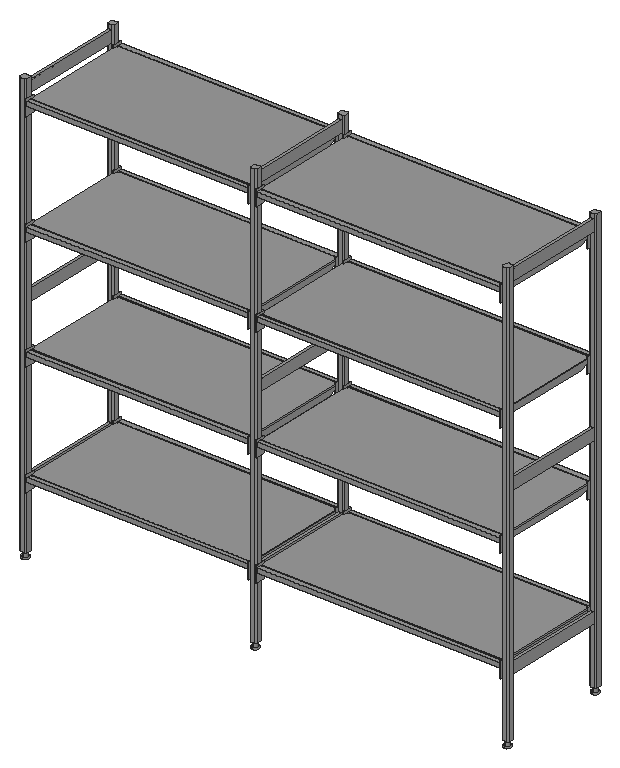
Revit family "QF_ELECTROLUXPROFESSIONAL_137043_BLS1960", category Attrezzature speciali, Revit 2020
Family settings
  Quota connettore circolare = Usa diametro
  Tipo di parte = Normale
  Basato su piano di lavoro = No
  Sempre verticale = Sì
  Taglio con vuoti quando caricato = No
  Condiviso = No
  Punto di calcolo locali = No
Parameters (values of type "Standard")
  Weight = 38.00 kg
  Watts = 0 W
  Volts = 0 V
  URL Manufacturer = "https://www.electroluxprofessional.com/"
  URL = "https://www.electroluxprofessional.com/"
  Steam Supply Size = 0 mm
  Steam Supply Minimum Pressure = 0.0 Pa
  Steam Supply Maximum Pressure = 0.0 Pa
  Steam Consumption per Hour = 0
  Refrigeration Suction Line Size = 0.0 mm
  Refrigeration Liquid Line Size = 0.0 mm
  Refrigerant Compressor Remote = yes
  Prospetto di default = 0.0 mm
  Phase = 0
  Modello = "BLS1960"
  Produttore = "Electrolux Professional"
  Length Actual = 1960.0 mm  # constant formula
  Item Number = "137043"
  Hot Water Size = 0 mm
  Height Actual = 1700.0 mm  # constant formula
  HP = "0 HP"
  Gas Size = 0 mm
  Gas KW = 0
  Gas Input Pressure = 0 W
  Direct Waste Size = 0 mm
  Descrizione = "ALUM.LINEAR SHELV.-POLY.TIERS-475X1960MM"
  Depth Actual = 475.0 mm  # constant formula
  Cycle = 0 Hz
  Condensate Return Size = 0 mm
  Compressed Air Volume = 0.0 L/s
  Compressed Air Size = 0 mm
  Compressed Air Pressure = 0.0 Pa
  Cold Water Size = 0 mm
  Accessory = yes
Reference planes
  plane 1: z = 0
  plane 2 "CenterLeft": x = -31
  plane 3 "LEFT": x = -417
  plane 4 "BACK": y = 23
  plane 5 "FRONT": y = -452
  plane 6 "TOP": z = 1700
  plane 7: x = -385
  plane 8: x = 501
  plane 9 "Center (Front/Back)": y = -214.5
  plane 10: y = -8.5
  plane 11: y = -420.5
  plane 12 "FEET": z = 25
  plane 13: z = 275
  plane 14: z = 725
  plane 15: z = 1175
  plane 16: z = 1625
  plane 17 "CXLeft": x = -403
  plane 18 "Center (Left/Right)": x = 519
  plane 19: y = 5.5
  plane 20 "CYBack": y = 5.5
  plane 21 "CYFront": y = -434.5
  plane 22 "RIGHT": x = 1543
  plane 23: x = 1511
  plane 24 "CXRight": x = 1529
  plane 25: x = 537
Forms (mm)
  Extrusion 1, solid, material "QF_Aluminum"
    sketch origin (-417, 0, -4.006) x (0, 1, 0) y (0, 0, 1)
      loop
        line (-12, 1637.003) -> (4, 1637.003) -> (4, 1655) -> (2.007, 1655) -> (2.007, 1648.501) -> (-431, 1648.501) -> (-431, 1655) -> (-433, 1655) -> (-433, 1637.003) -> (-417, 1637.003) -> (-383, 1625) -> (-46, 1625) -> (-12, 1637.003)
      loop
        line (-12, 1187.003) -> (4, 1187.003) -> (4, 1205) -> (2.007, 1205) -> (2.007, 1198.501) -> (-431, 1198.501) -> (-431, 1205) -> (-433, 1205) -> (-433, 1187.003) -> (-417, 1187.003) -> (-383, 1175) -> (-46, 1175) -> (-12, 1187.003)
      loop
        line (-12, 737.003) -> (4, 737.003) -> (4, 755) -> (2.007, 755) -> (2.007, 748.501) -> (-431, 748.501) -> (-431, 755) -> (-433, 755) -> (-433, 737.003) -> (-417, 737.003) -> (-383, 725) -> (-46, 725) -> (-12, 737.003)
      loop
        line (-12, 287.003) -> (4, 287.003) -> (4, 305) -> (2.007, 305) -> (2.007, 298.501) -> (-431, 298.501) -> (-431, 305) -> (-433, 305) -> (-433, 287.003) -> (-417, 287.003) -> (-383, 275) -> (-46, 275) -> (-12, 287.003)
    from 37 to 32
  Extrusion 2, solid, material "QF_Aluminum"
    sketch origin (-417, 0, 0) x (0, 1, 0) y (0, 0, 1)
      loop
        line (23, 246.005) -> (23, 307.993) -> (-12.993, 307.993) -> (-12.993, 246.005) -> (23, 246.005)
      loop
        line (-452, 246.005) -> (-416.007, 246.005) -> (-416.007, 307.993) -> (-452, 307.993) -> (-452, 246.005)
      loop
        line (23, 696.005) -> (23, 757.993) -> (-12.993, 757.993) -> (-12.993, 696.005) -> (23, 696.005)
      loop
        line (-452, 696.005) -> (-416.007, 696.005) -> (-416.007, 757.993) -> (-452, 757.993) -> (-452, 696.005)
      loop
        line (23, 1146.005) -> (23, 1207.993) -> (-12.993, 1207.993) -> (-12.993, 1146.005) -> (23, 1146.005)
      loop
        line (-452, 1146.005) -> (-416.007, 1146.005) -> (-416.007, 1207.993) -> (-452, 1207.993) -> (-452, 1146.005)
      loop
        line (23, 1596.005) -> (23, 1657.993) -> (-12.993, 1657.993) -> (-12.993, 1596.005) -> (23, 1596.005)
      loop
        line (-452, 1596.005) -> (-416.007, 1596.005) -> (-416.007, 1657.993) -> (-452, 1657.993) -> (-452, 1596.005)
    from 28 to 32
  Extrusion 3, solid, material "QF_Aluminum"
    sketch origin (-417, 0, 0) x (0, 1, 0) y (0, 0, 1)
      loop
        line (4, 1650.994) -> (4, 1632.998) -> (23, 1632.998) -> (23, 1650.994) -> (4, 1650.994)
      loop
        line (-433, 1650.994) -> (-452, 1650.994) -> (-452, 1632.998) -> (-433, 1632.998) -> (-433, 1650.994)
      loop
        line (4, 1200.994) -> (4, 1182.998) -> (23, 1182.998) -> (23, 1200.994) -> (4, 1200.994)
      loop
        line (-433, 1200.994) -> (-452, 1200.994) -> (-452, 1182.998) -> (-433, 1182.998) -> (-433, 1200.994)
      loop
        line (4, 750.994) -> (4, 732.998) -> (23, 732.998) -> (23, 750.994) -> (4, 750.994)
      loop
        line (-433, 750.994) -> (-452, 750.994) -> (-452, 732.998) -> (-433, 732.998) -> (-433, 750.994)
      loop
        line (4, 300.994) -> (4, 282.998) -> (23, 282.998) -> (23, 300.994) -> (4, 300.994)
      loop
        line (-433, 300.994) -> (-452, 300.994) -> (-452, 282.998) -> (-433, 282.998) -> (-433, 300.994)
    from 32 to 918
  Extrusion 4, solid, material "QF_Polyethylene"
    sketch origin (-417, 0, 0) x (0, 1, 0) y (0, 0, 1)
      loop
        line (2.007, 1650.994) -> (-431, 1650.994) -> (-431, 1644.496) -> (2.007, 1644.496) -> (2.007, 1650.994)
      loop
        line (2.007, 1200.994) -> (-431, 1200.994) -> (-431, 1194.496) -> (2.007, 1194.496) -> (2.007, 1200.994)
      loop
        line (2.007, 750.994) -> (-431, 750.994) -> (-431, 744.496) -> (2.007, 744.496) -> (2.007, 750.994)
      loop
        line (2.007, 300.994) -> (-431, 300.994) -> (-431, 294.496) -> (2.007, 294.496) -> (2.007, 300.994)
    from 32 to 918
  Extrusion 5, solid, material "QF_Aluminum"
    sketch origin (1543, 0, 0) x (0, 1, 0) y (0, 0, 1)
      loop
        line (4, 1650.994) -> (4, 1632.998) -> (23, 1632.998) -> (23, 1650.994) -> (4, 1650.994)
      loop
        line (-433, 1650.994) -> (-452, 1650.994) -> (-452, 1632.998) -> (-433, 1632.998) -> (-433, 1650.994)
      loop
        line (4, 1200.994) -> (4, 1182.998) -> (23, 1182.998) -> (23, 1200.994) -> (4, 1200.994)
      loop
        line (-433, 1200.994) -> (-452, 1200.994) -> (-452, 1182.998) -> (-433, 1182.998) -> (-433, 1200.994)
      loop
        line (4, 750.994) -> (4, 732.998) -> (23, 732.998) -> (23, 750.994) -> (4, 750.994)
      loop
        line (-433, 750.994) -> (-452, 750.994) -> (-452, 732.998) -> (-433, 732.998) -> (-433, 750.994)
      loop
        line (4, 300.994) -> (4, 282.998) -> (23, 282.998) -> (23, 300.994) -> (4, 300.994)
      loop
        line (-433, 300.994) -> (-452, 300.994) -> (-452, 282.998) -> (-433, 282.998) -> (-433, 300.994)
    from -32 to -1006
  Extrusion 6, solid, material "QF_Polyethylene"
    sketch origin (1543, 0, 0) x (0, 1, 0) y (0, 0, 1)
      loop
        line (2.007, 1650.994) -> (-431, 1650.994) -> (-431, 1644.496) -> (2.007, 1644.496) -> (2.007, 1650.994)
      loop
        line (2.007, 1200.994) -> (-431, 1200.994) -> (-431, 1194.496) -> (2.007, 1194.496) -> (2.007, 1200.994)
      loop
        line (2.007, 750.994) -> (-431, 750.994) -> (-431, 744.496) -> (2.007, 744.496) -> (2.007, 750.994)
      loop
        line (2.007, 300.994) -> (-431, 300.994) -> (-431, 294.496) -> (2.007, 294.496) -> (2.007, 300.994)
    from -32 to -1006
Lines and regions (mm)
  symbolic lines
    curve 1: line (501, 4, 1700) -> (-385, 4, 1700)
    curve 2: line (-408, -8.5, 1700) -> (-408, -420.5, 1700)
    curve 3: line (-398, -420.5, 1700) -> (-398, -8.5, 1700)
    curve 4: line (-389, 23, 1700) -> (505, 23, 1700)
    curve 5: line (-385, -452, 1700) -> (501, -452, 1700)
    curve 6: line (533, 23, 1700) -> (1515, 23, 1700)
    curve 7: line (533, -452, 1700) -> (1515, -452, 1700)
    curve 8: line (-385, -433, 1700) -> (501, -433, 1700)
    curve 9: line (537, -433, 1700) -> (1511, -433, 1700)
    curve 10: line (537, 4, 1700) -> (1511, 4, 1700)
    curve 11: line (1511, -12.993, 1700) -> (1511, -416.007, 1700)
    curve 12: line (501, -12.993, 1700) -> (501, -416.007, 1700)
    curve 13: line (537, -416.007, 1700) -> (537, -12.993, 1700)
    curve 14: line (-385, -12.993, 1700) -> (-385, -416.007, 1700)
Dimensions and locks
  plane 3 "LEFT" to plane 2 "CenterLeft" = 386.0 mm
  locked: plane 6 "TOP" to level at 1700
  locked: plane 4 "BACK" to plane 5 "FRONT" at 475
  locked: plane 7 to plane 8 at 886
  locked: plane 10 to plane 11 at 412
  equal spacing: plane 10, plane 9 "Center (Front/Back)", plane 11
  equal spacing: plane 4 "BACK", plane 9 "Center (Front/Back)", plane 5 "FRONT"
  plane 12 "FEET" to level = 25.0 mm
  plane 6 "TOP" to plane 12 "FEET" = 1675.0 mm
  plane 13 to plane 12 "FEET" = 250.0 mm
  plane 14 to plane 13 = 450.0 mm
  plane 15 to plane 14 = 450.0 mm
  plane 16 to plane 15 = 450.0 mm
  locked: plane 4 "BACK" to plane 20 "CYBack" at 17.5
  locked: plane 21 "CYFront" to plane 5 "FRONT" at 17.5
  locked: plane 4 "BACK" to Extrusion 1 at 19
  locked: Extrusion 1 to plane 5 "FRONT" at 19
  Extrusion 1 sketch curve to plane 21 "CYFront" = 3.5 mm
  plane 3 "LEFT" to plane 22 "RIGHT" = 1960.0 mm
  locked: plane 25 to plane 23 at 974
  locked: plane 8 to plane 18 "Center (Left/Right)" at 18
  locked: plane 18 "Center (Left/Right)" to plane 25 at 18
  locked: plane 3 "LEFT" to plane 7 at 32
  locked: plane 24 "CXRight" to plane 22 "RIGHT" at 14
  aligned and locked: level to plane 1
  aligned and locked: plane 7 to Extrusion 1
  aligned and locked: Extrusion 2 to plane 7
  aligned and locked: plane 7 to Extrusion 4
  aligned and locked: Extrusion 4 to plane 8
  aligned and locked: plane 7 to Extrusion 3
  aligned and locked: Extrusion 3 to plane 8
  aligned and locked: Extrusion 3 sketch curve to Extrusion 1
  aligned and locked: Extrusion 1 to Extrusion 3 sketch curve
  aligned and locked: Extrusion 3 sketch curve to Extrusion 3 sketch curve  (x2)
  aligned and locked: Extrusion 1 sketch curve to Extrusion 1 sketch curve  (x3)
  aligned and locked: Extrusion 4 sketch curve to Extrusion 1  (x4)
  aligned and locked: Extrusion 5 sketch curve to Extrusion 5 sketch curve  (x2)
  aligned and locked: Extrusion 5 to plane 25
  aligned and locked: Extrusion 6 to plane 25
  aligned and locked: nested 3 to plane 18 "Center (Left/Right)"
  aligned and locked: nested 1 to plane 17 "CXLeft"
  aligned and locked: Extrusion 3 to plane 7  (x3)
  aligned and locked: plane 8 to Extrusion 3  (x4)
  aligned and locked: plane 25 to Extrusion 5  (x4)
  aligned and locked: plane 25 to Extrusion 6  (x4)
  aligned and locked: plane 8 to Extrusion 4  (x4)
  aligned and locked: nested 2 to plane 24 "CXRight"
  aligned and locked: Extrusion 5 to plane 23
  aligned and locked: Extrusion 6 to plane 23
  aligned and locked: plane 23 to Extrusion 5  (x3)
  aligned and locked: plane 23 to Extrusion 6  (x3)
Automatic sketch dimensions
  plane 21 "CYFront" to Extrusion 1 sketch curve = 1.5 mm  (x4)
  plane 11 to Extrusion 1 sketch curve = 3.5 mm  (x4)
  Extrusion 1 sketch curve to plane 13 = 4.006 mm
  Extrusion 1 sketch curve to Extrusion 1 sketch curve = 34.0 mm  (x4)
  Extrusion 1 sketch curve to plane 14 = 4.006 mm
  Extrusion 1 sketch curve to plane 15 = 4.006 mm
  Extrusion 1 sketch curve to plane 16 = 4.006 mm
  Extrusion 1 sketch curve to plane 10 = 37.5 mm  (x4)
  Extrusion 1 sketch curve to plane 10 = 3.5 mm  (x4)
  plane 19 to Extrusion 1 sketch curve = 3.493 mm  (x4)
  plane 19 to Extrusion 1 sketch curve = 1.5 mm  (x4)
  plane 13 to Extrusion 1 sketch curve = 7.998 mm  (x2)
  Extrusion 1 sketch curve to Extrusion 1 sketch curve = 11.498 mm  (x4)
  Extrusion 1 sketch curve to Extrusion 1 sketch curve = 6.499 mm  (x8)
  plane 14 to Extrusion 1 sketch curve = 7.998 mm  (x2)
  plane 15 to Extrusion 1 sketch curve = 7.998 mm  (x2)
  plane 16 to Extrusion 1 sketch curve = 7.998 mm  (x2)
  Extrusion 2 sketch curve to plane 5 "FRONT" = 0.0 mm  (x4)
  Extrusion 2 sketch curve to plane 4 "BACK" = 0.0 mm  (x4)
  plane 11 to Extrusion 2 sketch curve = 4.493 mm  (x4)
  Extrusion 2 sketch curve to plane 10 = 4.493 mm  (x4)
  Extrusion 2 sketch curve to plane 13 = 28.995 mm  (x2)
  plane 13 to Extrusion 2 sketch curve = 32.993 mm  (x2)
  Extrusion 2 sketch curve to plane 14 = 28.995 mm  (x2)
  plane 14 to Extrusion 2 sketch curve = 32.993 mm  (x2)
  Extrusion 2 sketch curve to plane 15 = 28.995 mm  (x2)
  plane 15 to Extrusion 2 sketch curve = 32.993 mm  (x2)
  Extrusion 2 sketch curve to plane 16 = 28.995 mm  (x2)
  plane 16 to Extrusion 2 sketch curve = 32.993 mm  (x2)
  Extrusion 3 sketch curve to plane 5 "FRONT" = 0.0 mm  (x4)
  Extrusion 3 sketch curve to plane 4 "BACK" = 0.0 mm  (x4)
  plane 19 to Extrusion 3 sketch curve = 1.5 mm  (x4)
  plane 13 to Extrusion 3 sketch curve = 7.998 mm  (x2)
  Extrusion 3 sketch curve to Extrusion 3 sketch curve = 17.997 mm  (x8)
  plane 14 to Extrusion 3 sketch curve = 7.998 mm  (x2)
  plane 15 to Extrusion 3 sketch curve = 7.998 mm  (x2)
  plane 16 to Extrusion 3 sketch curve = 7.998 mm  (x2)
  plane 19 to Extrusion 4 sketch curve = 3.493 mm  (x4)
  plane 13 to Extrusion 4 sketch curve = 19.496 mm
  Extrusion 4 sketch curve to Extrusion 4 sketch curve = 6.499 mm  (x4)
  plane 14 to Extrusion 4 sketch curve = 19.496 mm
  plane 15 to Extrusion 4 sketch curve = 19.496 mm
  plane 16 to Extrusion 4 sketch curve = 19.496 mm
  Extrusion 5 sketch curve to plane 5 "FRONT" = 0.0 mm  (x4)
  Extrusion 5 sketch curve to plane 4 "BACK" = 0.0 mm  (x4)
  plane 21 "CYFront" to Extrusion 5 sketch curve = 1.5 mm  (x2)
  plane 19 to Extrusion 5 sketch curve = 1.5 mm  (x4)
  plane 13 to Extrusion 5 sketch curve = 7.998 mm  (x2)
  Extrusion 5 sketch curve to Extrusion 5 sketch curve = 17.997 mm  (x8)
  plane 14 to Extrusion 5 sketch curve = 7.998 mm  (x2)
  plane 15 to Extrusion 5 sketch curve = 7.998 mm  (x2)
  plane 16 to Extrusion 5 sketch curve = 7.998 mm  (x2)
  plane 21 "CYFront" to Extrusion 6 sketch curve = 3.5 mm  (x4)
  plane 19 to Extrusion 6 sketch curve = 3.493 mm  (x4)
  plane 13 to Extrusion 6 sketch curve = 19.496 mm
  Extrusion 6 sketch curve to Extrusion 6 sketch curve = 6.499 mm  (x4)
  plane 14 to Extrusion 6 sketch curve = 19.496 mm
  plane 15 to Extrusion 6 sketch curve = 19.496 mm
  plane 16 to Extrusion 6 sketch curve = 19.496 mm
  curve 7 to plane 5 "FRONT" = 0.0 mm
  curve 5 to plane 5 "FRONT" = 0.0 mm
  curve 8 to plane 8 = 0.0 mm
  curve 9 to plane 25 = 0.0 mm
  curve 9 to plane 23 = 0.0 mm
  curve 8 to plane 7 = 0.0 mm
  curve 2 to plane 11 = 0.0 mm
  curve 3 to plane 11 = 0.0 mm
  curve 14 to plane 7 = 0.0 mm
  curve 13 to plane 25 = 0.0 mm
  curve 12 to plane 8 = 0.0 mm
  curve 11 to plane 23 = 0.0 mm
  curve 3 to plane 10 = 0.0 mm
  curve 2 to plane 10 = 0.0 mm
  curve 1 to plane 8 = 0.0 mm
  curve 1 to plane 7 = 0.0 mm
  curve 10 to plane 23 = 0.0 mm
  curve 10 to plane 25 = 0.0 mm
  curve 4 to plane 4 "BACK" = 0.0 mm
  curve 6 to plane 4 "BACK" = 0.0 mm
  curve 5 to plane 8 = 0.0 mm
  curve 5 to plane 7 = 0.0 mm
  plane 21 "CYFront" to curve 8 = 1.5 mm
  plane 21 "CYFront" to curve 9 = 1.5 mm
  plane 11 to curve 14 = 4.493 mm
  plane 11 to curve 13 = 4.493 mm
  plane 11 to curve 12 = 4.493 mm
  plane 11 to curve 11 = 4.493 mm
  curve 14 to plane 10 = 4.493 mm
  curve 13 to plane 10 = 4.493 mm
  curve 12 to plane 10 = 4.493 mm
  curve 11 to plane 10 = 4.493 mm
  plane 19 to curve 1 = 1.5 mm
  plane 19 to curve 10 = 1.5 mm
  curve 6 to plane 23 = 4.0 mm
  curve 7 to plane 23 = 4.0 mm
  curve 6 to plane 25 = 4.0 mm
  curve 7 to plane 25 = 4.0 mm
  curve 4 to plane 8 = 4.0 mm
  plane 7 to curve 4 = 4.0 mm
  plane 17 "CXLeft" to curve 3 = 5.0 mm
  curve 2 to plane 17 "CXLeft" = 5.0 mm
Nested families
  nested 1: "WT_Anta475" at (0, 0, 0), type "WT_Anta475"
  nested 2: "WT_Anta475" at (1126, 0, 0) x (-1, 0, 0) z (0, 0, 1), type "WT_Anta475"
  nested 3: "WT_Anta475Center" at (922, 0, 0), type "WT_Anta475Center"
Definition of nested family "WT_Anta475"
  Parameters
    WidthLeft = A + 64.0 mm  # 772.0 mm
    Width = 1606.0 mm
    Right = WidthLeft / 2  # 386.0 mm
    Default Elevation = 0.0 mm
    Left = -WidthLeft / 2  # -386.0 mm
    Height = 1725.0 mm
    FEET = 25.0 mm
    E = 0.0 mm
    Dint = Depth - 63.0 mm  # 412.0 mm
    Dext = Depth - 8.0 mm  # 467.0 mm
    Depth = 475.0 mm
    DX = (WidthLeft - A) / 2  # 32.0 mm
    B = 798.0 mm
    A = 708.0 mm
  Reference planes
    plane 1: z = 0
    plane 2 "LEFT": x = -417
    plane 3 "BACK": y = 23
    plane 4 "FRONT": y = -452
    plane 5 "TOP": z = 1725
    plane 6 "Center (Front/Back)": y = -214.5
    plane 7: y = -8.5
    plane 8: y = -420.5
    plane 9 "FEET": z = 25
    plane 10: z = 275
    plane 11: z = 725
    plane 12: z = 1175
    plane 13: z = 1625
    plane 14 "CXLeft": x = -403
    plane 15: y = 5.5
    plane 16 "CYBack": y = 5.5
    plane 17 "CYFront": y = -434.5
    plane 18: x = -385.031
    plane 19: x = -380.031
  Forms (mm)
    Extrusion 1, solid
      sketch origin (0, 0, 0) x (1, 0, 0) y (0, 1, 0)
        loop
          line (-417, 13.246) -> (-417, -2.246) -> (-410.746, -8.5) -> (-395.254, -8.5) -> (-389, -2.246) -> (-389, 13.246) -> (-395.254, 19.5) -> (-410.746, 19.5) -> (-417, 13.246)
      from 1725 to 25
    Extrusion 2, solid
      sketch origin (-417, 0, 0) x (0, 1, 0) y (0, 0, 1)
        loop
          line (23, 246.005) -> (23, 307.993) -> (-12.993, 307.993) -> (-12.993, 246.005) -> (23, 246.005)
        loop
          line (-452, 246.005) -> (-416.007, 246.005) -> (-416.007, 307.993) -> (-452, 307.993) -> (-452, 246.005)
        loop
          line (23, 696.005) -> (23, 757.993) -> (-12.993, 757.993) -> (-12.993, 696.005) -> (23, 696.005)
        loop
          line (-452, 696.005) -> (-416.007, 696.005) -> (-416.007, 757.993) -> (-452, 757.993) -> (-452, 696.005)
        loop
          line (23, 1146.005) -> (23, 1207.993) -> (-12.993, 1207.993) -> (-12.993, 1146.005) -> (23, 1146.005)
        loop
          line (-452, 1146.005) -> (-416.007, 1146.005) -> (-416.007, 1207.993) -> (-452, 1207.993) -> (-452, 1146.005)
        loop
          line (23, 1596.005) -> (23, 1657.993) -> (-12.993, 1657.993) -> (-12.993, 1596.005) -> (23, 1596.005)
        loop
          line (-452, 1596.005) -> (-416.007, 1596.005) -> (-416.007, 1657.993) -> (-452, 1657.993) -> (-452, 1596.005)
      from 28 to 32
    Revolve 3, solid
      sketch origin (-403, 0, 0) x (0, 1, 0) y (0, 0, 1)
        loop
          line (5.5, 25) -> (5.5, 0) -> (19, 0) -> (19, 5) -> (14, 5) -> (14, 25) -> (5.5, 25)
        axis (5.5, 25) -> (5.5, 0)
      angle from 0 to 360
    Extrusion 4, solid
      sketch origin (-403, 0, 0) x (0, 1, 0) y (0, 0, 1)
        loop
          line (-8.5, 912.382) -> (-8.5, 957.374) -> (-420.5, 957.374) -> (-420.5, 912.382) -> (-8.5, 912.382)
        loop
          line (-8.5, 1662.244) -> (-8.5, 1707.236) -> (-420.5, 1707.236) -> (-420.5, 1662.244) -> (-8.5, 1662.244)
      from -5 to 5
    Revolve 5, solid
      sketch origin (-403, -627, 0) x (0, -1, 0) y (0, 0, 1)
        loop
          line (-192.5, 25) -> (-192.5, 0) -> (-179, 0) -> (-179, 5) -> (-184, 5) -> (-184, 25) -> (-192.5, 25)
        axis (-192.5, 25) -> (-192.5, 0)
      angle from 0 to 360
    Extrusion 6, solid
      sketch origin (0, -627, 0) x (1, 0, 0) y (0, 1, 0)
        loop
          line (-417, 184.754) -> (-410.746, 178.5) -> (-395.254, 178.5) -> (-389, 184.754) -> (-389, 200.246) -> (-395.254, 206.5) -> (-410.746, 206.5) -> (-417, 200.246) -> (-417, 184.754)
      from 1725 to 25
    Extrusion 7, solid
      sketch origin (-417.031, -0.022, 0) x (0, 1, 0) y (0, 0, -1)
        loop
          line (-12, -1632.998) -> (-46, -1620.994) -> (-383, -1620.994) -> (-417, -1632.998) -> (-433, -1632.998) -> (-433, -1650.994) -> (-431, -1650.994) -> (-431, -1644.496) -> (2.007, -1644.496) -> (2.007, -1650.994) -> (4, -1650.994) -> (4, -1632.998) -> (-12, -1632.998)
        loop
          line (-12, -1182.998) -> (-46, -1170.994) -> (-383, -1170.994) -> (-417, -1182.998) -> (-433, -1182.998) -> (-433, -1200.994) -> (-431, -1200.994) -> (-431, -1194.496) -> (2.007, -1194.496) -> (2.007, -1200.994) -> (4, -1200.994) -> (4, -1182.998) -> (-12, -1182.998)
        loop
          line (-12, -732.998) -> (-46, -720.994) -> (-383, -720.994) -> (-417, -732.998) -> (-433, -732.998) -> (-433, -750.994) -> (-431, -750.994) -> (-431, -744.496) -> (2.007, -744.496) -> (2.007, -750.994) -> (4, -750.994) -> (4, -732.998) -> (-12, -732.998)
        loop
          line (-12, -282.998) -> (-46, -270.994) -> (-383, -270.994) -> (-417, -282.998) -> (-433, -282.998) -> (-433, -300.994) -> (-431, -300.994) -> (-431, -294.496) -> (2.007, -294.496) -> (2.007, -300.994) -> (4, -300.994) -> (4, -282.998) -> (-12, -282.998)
      from -32 to -37
    Extrusion 8, solid
      sketch origin (-403, 0, -659.878) x (0, 1, 0) y (0, 0, 1)
        loop
          line (-8.5, 912.382) -> (-8.5, 957.374) -> (-420.5, 957.374) -> (-420.5, 912.382) -> (-8.5, 912.382)
        loop
          line (-8.5, 1572.382) -> (-8.5, 1617.374) -> (-420.5, 1617.374) -> (-420.5, 1572.382) -> (-8.5, 1572.382)
        loop
          line (-8.5, 2322.382) -> (-8.5, 2367.374) -> (-420.5, 2367.374) -> (-420.5, 2322.382) -> (-8.5, 2322.382)
      from -5 to 5
  Lines and regions (mm)
    symbolic lines
      curve 1: line (-408, -8.5, 1725) -> (-408, -420.5, 1725)
      curve 2: line (-398, -420.5, 1725) -> (-398, -8.5, 1725)
      curve 3: line (-395.254, -8.5, 1725) -> (-410.746, -8.5, 1725)
      curve 4: line (-417, -2.246, 1725) -> (-410.746, -8.5, 1725)
      curve 5: line (-417, 13.246, 1725) -> (-417, -2.246, 1725)
      curve 6: line (-410.746, 19.5, 1725) -> (-417, 13.246, 1725)
      curve 7: line (-395.254, 19.5, 1725) -> (-410.746, 19.5, 1725)
      curve 8: line (-389, 13.246, 1725) -> (-395.254, 19.5, 1725)
      curve 9: line (-395.254, -8.5, 1725) -> (-389, -2.246, 1725)
      curve 10: line (-395.254, -420.5, 1725) -> (-410.746, -420.5, 1725)
      curve 11: line (-417, -426.754, 1725) -> (-410.746, -420.5, 1725)
      curve 12: line (-410.746, -448.5, 1725) -> (-417, -442.246, 1725)
      curve 13: line (-395.254, -448.5, 1725) -> (-410.746, -448.5, 1725)
      curve 14: line (-389, -442.246, 1725) -> (-395.254, -448.5, 1725)
      curve 15: line (-395.254, -420.5, 1725) -> (-389, -426.754, 1725)
      curve 16: line (-389, -452, 1725) -> (-389, -416.007, 1725)
      curve 17: line (-389, -416.007, 1725) -> (-385, -416.007, 1725)
      curve 18: line (-389, 23, 1725) -> (-389, -12.993, 1725)
      curve 19: line (-389, -12.993, 1725) -> (-385, -12.993, 1725)
      curve 20: line (-417, -426.754, 1725) -> (-417, -442.246, 1725)
      curve 21: line (-385, -452, 1725) -> (-385, -416.007, 1725)
      curve 22: line (-385, -452, 1725) -> (-389, -452, 1725)
      curve 23: line (-385, 23, 1725) -> (-389, 23, 1725)
      curve 24: line (-385, -12.993, 1725) -> (-385, 23, 1725)
      curve 25: line (-385.031, -13.016, 1725) -> (-385.031, -416.029, 1725)
  Dimensions and locks
    "Height": plane 5 "TOP" to level
    "Depth": plane 3 "BACK" to plane 4 "FRONT"
    "Dint": plane 7 to plane 8
    equal spacing: plane 7, plane 6 "Center (Front/Back)", plane 8
    equal spacing: plane 3 "BACK", plane 6 "Center (Front/Back)", plane 4 "FRONT"
    plane 9 "FEET" to level = 25.0 mm
    plane 5 "TOP" to plane 9 "FEET" = 1700.0 mm
    plane 10 to plane 9 "FEET" = 250.0 mm
    plane 11 to plane 10 = 450.0 mm
    plane 12 to plane 11 = 450.0 mm
    plane 13 to plane 12 = 450.0 mm
    locked: plane 2 "LEFT" to plane 14 "CXLeft" at 14
    locked: plane 3 "BACK" to plane 16 "CYBack" at 17.5
    locked: plane 17 "CYFront" to plane 4 "FRONT" at 17.5
    locked: Revolve 3 sketch curve to Revolve 3 sketch curve at 8.5
    locked: Revolve 3 sketch curve to plane 16 "CYBack" at 13.5
    locked: Revolve 5 sketch curve to Revolve 5 sketch curve at 8.5
    aligned and locked: level to plane 1
    aligned and locked: curve 20 to Extrusion 6
    aligned and locked: plane 5 "TOP" to Extrusion 1
    aligned and locked: plane 5 "TOP" to Extrusion 6
    aligned and locked: Extrusion 7 sketch curve to Extrusion 7 sketch curve  (x3)
  Automatic sketch dimensions
    curve 16 to plane 4 "FRONT" = 0.0 mm
    curve 11 to plane 8 = 0.0 mm
    curve 9 to plane 7 = 0.0 mm
    curve 5 to plane 2 "LEFT" = 0.0 mm
    curve 23 to plane 3 "BACK" = 0.0 mm
    plane 4 "FRONT" to curve 13 = 3.5 mm
    curve 20 to plane 17 "CYFront" = 7.746 mm
    curve 20 to plane 8 = 6.254 mm
    plane 8 to curve 16 = 4.493 mm
    curve 24 to plane 18 = 0.031 mm
    curve 24 to plane 7 = 4.493 mm
    plane 7 to curve 5 = 6.254 mm
    curve 5 to plane 15 = 7.746 mm
    curve 6 to plane 3 "BACK" = 3.5 mm
    curve 21 to plane 18 = 0.031 mm
    plane 18 to curve 23 = 3.969 mm
    plane 18 to curve 16 = 3.969 mm
    curve 18 to curve 8 = 6.254 mm
    curve 18 to curve 3 = 6.254 mm
    curve 16 to curve 13 = 6.254 mm
    curve 16 to curve 15 = 6.254 mm
    plane 2 "LEFT" to curve 10 = 6.254 mm
    plane 2 "LEFT" to curve 7 = 6.254 mm
    plane 2 "LEFT" to curve 12 = 6.254 mm
    plane 2 "LEFT" to curve 3 = 6.254 mm
    curve 14 to plane 17 "CYFront" = 7.746 mm
    curve 15 to plane 8 = 6.254 mm
    plane 7 to curve 9 = 6.254 mm
    curve 8 to plane 15 = 7.746 mm
    curve 3 to curve 2 = 2.746 mm
    curve 1 to curve 10 = 2.746 mm
    Extrusion 1 sketch curve to plane 2 "LEFT" = 0.0 mm
    Extrusion 1 sketch curve to plane 7 = 0.0 mm
    plane 2 "LEFT" to Extrusion 1 sketch curve = 6.254 mm  (x2)
    plane 14 "CXLeft" to Extrusion 1 sketch curve = 7.746 mm  (x2)
    Extrusion 1 sketch curve to plane 3 "BACK" = 3.5 mm
    plane 18 to Extrusion 1 sketch curve = 3.969 mm
    plane 7 to Extrusion 1 sketch curve = 6.254 mm  (x2)
    Extrusion 1 sketch curve to plane 15 = 7.746 mm  (x2)
    Extrusion 2 sketch curve to plane 4 "FRONT" = 0.0 mm  (x4)
    Extrusion 2 sketch curve to plane 3 "BACK" = 0.0 mm  (x4)
    plane 8 to Extrusion 2 sketch curve = 4.493 mm  (x4)
    Extrusion 2 sketch curve to plane 7 = 4.493 mm  (x4)
    Extrusion 2 sketch curve to plane 10 = 28.995 mm  (x2)
    plane 10 to Extrusion 2 sketch curve = 32.993 mm  (x2)
    Extrusion 2 sketch curve to plane 11 = 28.995 mm  (x2)
    plane 11 to Extrusion 2 sketch curve = 32.993 mm  (x2)
    Extrusion 2 sketch curve to plane 12 = 28.995 mm  (x2)
    plane 12 to Extrusion 2 sketch curve = 32.993 mm  (x2)
    Extrusion 2 sketch curve to plane 13 = 28.995 mm  (x2)
    plane 13 to Extrusion 2 sketch curve = 32.993 mm  (x2)
    Revolve 3 sketch curve to plane 9 "FEET" = 0.0 mm  (x2)
    Revolve 3 sketch curve to plane 15 = 0.0 mm  (x2)
    Revolve 3 sketch curve to level = 0.0 mm
    level to Revolve 3 sketch curve = 5.0 mm
    Revolve 3 sketch curve to Revolve 3 sketch curve = 11.655 mm
    Extrusion 4 sketch curve to plane 8 = 0.0 mm  (x2)
    Extrusion 4 sketch curve to plane 7 = 0.0 mm  (x2)
    plane 11 to Extrusion 4 sketch curve = 187.382 mm
    Extrusion 4 sketch curve to Extrusion 4 sketch curve = 44.992 mm
    plane 13 to Extrusion 4 sketch curve = 37.244 mm
    Extrusion 4 sketch curve to plane 5 "TOP" = 17.764 mm
    Revolve 5 sketch curve to plane 9 "FEET" = 0.0 mm  (x2)
    Revolve 5 sketch curve to plane 17 "CYFront" = 0.0 mm  (x2)
    Revolve 5 sketch curve to level = 0.0 mm
    Revolve 5 sketch curve to plane 4 "FRONT" = 4.0 mm
    Revolve 5 sketch curve to Revolve 5 sketch curve = 5.0 mm
    level to Revolve 5 sketch curve = 11.655 mm
    Extrusion 6 sketch curve to plane 2 "LEFT" = 0.0 mm
    Extrusion 6 sketch curve to plane 8 = 0.0 mm
    Extrusion 6 sketch curve to plane 2 "LEFT" = 6.254 mm  (x2)
    Extrusion 6 sketch curve to plane 14 "CXLeft" = 7.746 mm  (x2)
    Extrusion 6 sketch curve to plane 4 "FRONT" = 3.5 mm
    Extrusion 6 sketch curve to plane 18 = 3.969 mm
    plane 8 to Extrusion 6 sketch curve = 6.254 mm  (x2)
    plane 17 "CYFront" to Extrusion 6 sketch curve = 7.746 mm  (x2)
    plane 17 "CYFront" to Extrusion 7 sketch curve = 1.478 mm  (x4)
    Extrusion 7 sketch curve to Extrusion 7 sketch curve = 2.0 mm
    plane 8 to Extrusion 7 sketch curve = 3.478 mm  (x4)
    Extrusion 7 sketch curve to plane 10 = 4.006 mm
    Extrusion 7 sketch curve to Extrusion 7 sketch curve = 34.0 mm  (x4)
    Extrusion 7 sketch curve to plane 11 = 4.006 mm
    Extrusion 7 sketch curve to plane 12 = 4.006 mm
    Extrusion 7 sketch curve to plane 13 = 4.006 mm
    Extrusion 7 sketch curve to plane 7 = 37.522 mm  (x4)
    Extrusion 7 sketch curve to plane 7 = 3.522 mm  (x4)
    plane 15 to Extrusion 7 sketch curve = 3.516 mm  (x4)
    plane 15 to Extrusion 7 sketch curve = 1.522 mm  (x4)
    plane 13 to Extrusion 7 sketch curve = 7.998 mm  (x2)
    Extrusion 7 sketch curve to Extrusion 7 sketch curve = 11.498 mm
    Extrusion 7 sketch curve to Extrusion 7 sketch curve = 6.499 mm  (x5)
    plane 12 to Extrusion 7 sketch curve = 25.994 mm  (x2)
    plane 12 to Extrusion 7 sketch curve = 7.998 mm  (x2)
    plane 11 to Extrusion 7 sketch curve = 25.994 mm  (x2)
    plane 11 to Extrusion 7 sketch curve = 7.998 mm  (x2)
    plane 10 to Extrusion 7 sketch curve = 25.994 mm  (x2)
    plane 10 to Extrusion 7 sketch curve = 7.998 mm  (x2)
    curve 25 to plane 18 = 0.0 mm
    plane 8 to curve 25 = 4.471 mm
    curve 25 to plane 7 = 4.516 mm
    Extrusion 8 sketch curve to plane 8 = 0.0 mm  (x3)
    Extrusion 8 sketch curve to plane 7 = 0.0 mm  (x3)
    Extrusion 8 sketch curve to plane 10 = 22.496 mm
    plane 10 to Extrusion 8 sketch curve = 22.496 mm
    plane 11 to Extrusion 8 sketch curve = 187.504 mm
    Extrusion 8 sketch curve to Extrusion 8 sketch curve = 44.992 mm
    plane 13 to Extrusion 8 sketch curve = 37.504 mm
    Extrusion 8 sketch curve to plane 5 "TOP" = 17.504 mm
Definition of nested family "WT_Anta475Center"
  Parameters
    WidthLeft = A + 64.0 mm  # 772.0 mm
    Width = 1606.0 mm
    Right = WidthLeft / 2  # 386.0 mm
    Default Elevation = 0.0 mm
    Left = -WidthLeft / 2  # -386.0 mm
    Height = 1725.0 mm
    FEET = 25.0 mm
    E = 0.0 mm
    Dint = Depth - 63.0 mm  # 412.0 mm
    Dext = Depth - 8.0 mm  # 467.0 mm
    Depth = 475.0 mm
    DX = (WidthLeft - A) / 2  # 32.0 mm
    B = 798.0 mm
    A = 708.0 mm
  Reference planes
    plane 1: z = 0
    plane 2 "L": x = -417
    plane 3 "BACK": y = 23
    plane 4 "FRONT": y = -452
    plane 5 "TOP": z = 1725
    plane 6 "Center (Front/Back)": y = -214.5
    plane 7: y = -8.5
    plane 8: y = -420.5
    plane 9 "FEET": z = 25
    plane 10: z = 275
    plane 11: z = 725
    plane 12: z = 1175
    plane 13: z = 1625
    plane 14 "CXLeft": x = -403
    plane 15: y = 5.5
    plane 16 "CYBack": y = 5.5
    plane 17 "CYFront": y = -434.5
    plane 18: x = -385.031
    plane 19 "RIGHT": x = -380.031
    plane 20: x = -420.969
    plane 21 "LEFT": x = -425.969
  Forms (mm)
    Extrusion 1, solid
      sketch origin (0, 0, 0) x (1, 0, 0) y (0, 1, 0)
        loop
          line (-417, 13.246) -> (-417, -2.246) -> (-410.746, -8.5) -> (-395.254, -8.5) -> (-389, -2.246) -> (-389, 13.246) -> (-395.254, 19.5) -> (-410.746, 19.5) -> (-417, 13.246)
      from 1725 to 25
    Extrusion 2, solid
      sketch origin (-417, 0, 0) x (0, 1, 0) y (0, 0, 1)
        loop
          line (23, 246.005) -> (23, 307.993) -> (-12.993, 307.993) -> (-12.993, 246.005) -> (23, 246.005)
        loop
          line (-452, 246.005) -> (-416.007, 246.005) -> (-416.007, 307.993) -> (-452, 307.993) -> (-452, 246.005)
        loop
          line (23, 696.005) -> (23, 757.993) -> (-12.993, 757.993) -> (-12.993, 696.005) -> (23, 696.005)
        loop
          line (-452, 696.005) -> (-416.007, 696.005) -> (-416.007, 757.993) -> (-452, 757.993) -> (-452, 696.005)
        loop
          line (23, 1146.005) -> (23, 1207.993) -> (-12.993, 1207.993) -> (-12.993, 1146.005) -> (23, 1146.005)
        loop
          line (-452, 1146.005) -> (-416.007, 1146.005) -> (-416.007, 1207.993) -> (-452, 1207.993) -> (-452, 1146.005)
        loop
          line (23, 1596.005) -> (23, 1657.993) -> (-12.993, 1657.993) -> (-12.993, 1596.005) -> (23, 1596.005)
        loop
          line (-452, 1596.005) -> (-416.007, 1596.005) -> (-416.007, 1657.993) -> (-452, 1657.993) -> (-452, 1596.005)
      from 28 to 32
    Revolve 3, solid
      sketch origin (-403, 0, 0) x (0, 1, 0) y (0, 0, 1)
        loop
          line (5.5, 25) -> (5.5, 0) -> (19, 0) -> (19, 5) -> (14, 5) -> (14, 25) -> (5.5, 25)
        axis (5.5, 25) -> (5.5, 0)
      angle from 0 to 360
    Extrusion 4, solid
      sketch origin (-403, 0, 0) x (0, 1, 0) y (0, 0, 1)
        loop
          line (-8.5, 912.382) -> (-8.5, 957.374) -> (-420.5, 957.374) -> (-420.5, 912.382) -> (-8.5, 912.382)
        loop
          line (-8.5, 1662.244) -> (-8.5, 1707.236) -> (-420.5, 1707.236) -> (-420.5, 1662.244) -> (-8.5, 1662.244)
      from -5 to 5
    Revolve 5, solid
      sketch origin (-403, -627, 0) x (0, -1, 0) y (0, 0, 1)
        loop
          line (-192.5, 25) -> (-192.5, 0) -> (-179, 0) -> (-179, 5) -> (-184, 5) -> (-184, 25) -> (-192.5, 25)
        axis (-192.5, 25) -> (-192.5, 0)
      angle from 0 to 360
    Extrusion 6, solid
      sketch origin (0, -627, 0) x (1, 0, 0) y (0, 1, 0)
        loop
          line (-417, 184.754) -> (-410.746, 178.5) -> (-395.254, 178.5) -> (-389, 184.754) -> (-389, 200.246) -> (-395.254, 206.5) -> (-410.746, 206.5) -> (-417, 200.246) -> (-417, 184.754)
      from 1725 to 25
    Extrusion 7, solid
      sketch origin (-417.031, -0.022, 0) x (0, 1, 0) y (0, 0, -1)
        loop
          line (-12, -1632.998) -> (-46, -1620.994) -> (-383, -1620.994) -> (-417, -1632.998) -> (-433, -1632.998) -> (-433, -1650.994) -> (-431, -1650.994) -> (-431, -1644.496) -> (2.007, -1644.496) -> (2.007, -1650.994) -> (4, -1650.994) -> (4, -1632.998) -> (-12, -1632.998)
        loop
          line (-12, -1182.998) -> (-46, -1170.994) -> (-383, -1170.994) -> (-417, -1182.998) -> (-433, -1182.998) -> (-433, -1200.994) -> (-431, -1200.994) -> (-431, -1194.496) -> (2.007, -1194.496) -> (2.007, -1200.994) -> (4, -1200.994) -> (4, -1182.998) -> (-12, -1182.998)
        loop
          line (-12, -732.998) -> (-46, -720.994) -> (-383, -720.994) -> (-417, -732.998) -> (-433, -732.998) -> (-433, -750.994) -> (-431, -750.994) -> (-431, -744.496) -> (2.007, -744.496) -> (2.007, -750.994) -> (4, -750.994) -> (4, -732.998) -> (-12, -732.998)
        loop
          line (-12, -282.998) -> (-46, -270.994) -> (-383, -270.994) -> (-417, -282.998) -> (-433, -282.998) -> (-433, -300.994) -> (-431, -300.994) -> (-431, -294.496) -> (2.007, -294.496) -> (2.007, -300.994) -> (4, -300.994) -> (4, -282.998) -> (-12, -282.998)
      from -32 to -37
    Extrusion 8, solid
      sketch origin (-403, 0, -659.878) x (0, 1, 0) y (0, 0, 1)
        loop
          line (-8.5, 912.382) -> (-8.5, 957.374) -> (-420.5, 957.374) -> (-420.5, 912.382) -> (-8.5, 912.382)
        loop
          line (-8.5, 1572.382) -> (-8.5, 1617.374) -> (-420.5, 1617.374) -> (-420.5, 1572.382) -> (-8.5, 1572.382)
        loop
          line (-8.5, 2322.382) -> (-8.5, 2367.374) -> (-420.5, 2367.374) -> (-420.5, 2322.382) -> (-8.5, 2322.382)
      from -5 to 5
    Extrusion 9, solid
      sketch origin (-389, 0, 0) x (0, 1, 0) y (0, 0, -1)
        loop
          line (23, -246.005) -> (-12.993, -246.005) -> (-12.993, -307.993) -> (23, -307.993) -> (23, -246.005)
        loop
          line (-452, -246.005) -> (-452, -307.993) -> (-416.007, -307.993) -> (-416.007, -246.005) -> (-452, -246.005)
        loop
          line (23, -696.005) -> (-12.993, -696.005) -> (-12.993, -757.993) -> (23, -757.993) -> (23, -696.005)
        loop
          line (-452, -696.005) -> (-452, -757.993) -> (-416.007, -757.993) -> (-416.007, -696.005) -> (-452, -696.005)
        loop
          line (23, -1146.005) -> (-12.993, -1146.005) -> (-12.993, -1207.993) -> (23, -1207.993) -> (23, -1146.005)
        loop
          line (-452, -1146.005) -> (-452, -1207.993) -> (-416.007, -1207.993) -> (-416.007, -1146.005) -> (-452, -1146.005)
        loop
          line (23, -1596.005) -> (-12.993, -1596.005) -> (-12.993, -1657.993) -> (23, -1657.993) -> (23, -1596.005)
        loop
          line (-452, -1596.005) -> (-452, -1657.993) -> (-416.007, -1657.993) -> (-416.007, -1596.005) -> (-452, -1596.005)
      from 28 to 32
    Extrusion 10, solid
      sketch origin (-388.969, -0.022, 0) x (0, 1, 0) y (0, 0, 1)
        loop
          line (-12, 1632.998) -> (4, 1632.998) -> (4, 1650.994) -> (2.007, 1650.994) -> (2.007, 1644.496) -> (-431, 1644.496) -> (-431, 1650.994) -> (-433, 1650.994) -> (-433, 1632.998) -> (-417, 1632.998) -> (-383, 1620.994) -> (-46, 1620.994) -> (-12, 1632.998)
        loop
          line (-12, 1182.998) -> (4, 1182.998) -> (4, 1200.994) -> (2.007, 1200.994) -> (2.007, 1194.496) -> (-431, 1194.496) -> (-431, 1200.994) -> (-433, 1200.994) -> (-433, 1182.998) -> (-417, 1182.998) -> (-383, 1170.994) -> (-46, 1170.994) -> (-12, 1182.998)
        loop
          line (-12, 732.998) -> (4, 732.998) -> (4, 750.994) -> (2.007, 750.994) -> (2.007, 744.496) -> (-431, 744.496) -> (-431, 750.994) -> (-433, 750.994) -> (-433, 732.998) -> (-417, 732.998) -> (-383, 720.994) -> (-46, 720.994) -> (-12, 732.998)
        loop
          line (-12, 282.998) -> (4, 282.998) -> (4, 300.994) -> (2.007, 300.994) -> (2.007, 294.496) -> (-431, 294.496) -> (-431, 300.994) -> (-433, 300.994) -> (-433, 282.998) -> (-417, 282.998) -> (-383, 270.994) -> (-46, 270.994) -> (-12, 282.998)
      from -32 to -37
  Lines and regions (mm)
    symbolic lines
      curve 1: line (-408, -8.5, 1725) -> (-408, -420.5, 1725)
      curve 2: line (-398, -420.5, 1725) -> (-398, -8.5, 1725)
      curve 3: line (-395.254, -8.5, 1725) -> (-410.746, -8.5, 1725)
      curve 4: line (-417, -2.246, 1725) -> (-410.746, -8.5, 1725)
      curve 5: line (-410.746, 19.5, 1725) -> (-417, 13.246, 1725)
      curve 6: line (-395.254, 19.5, 1725) -> (-410.746, 19.5, 1725)
      curve 7: line (-389, 13.246, 1725) -> (-395.254, 19.5, 1725)
      curve 8: line (-395.254, -8.5, 1725) -> (-389, -2.246, 1725)
      curve 9: line (-395.254, -420.5, 1725) -> (-410.746, -420.5, 1725)
      curve 10: line (-417, -426.754, 1725) -> (-410.746, -420.5, 1725)
      curve 11: line (-410.746, -448.5, 1725) -> (-417, -442.246, 1725)
      curve 12: line (-395.254, -448.5, 1725) -> (-410.746, -448.5, 1725)
      curve 13: line (-389, -442.246, 1725) -> (-395.254, -448.5, 1725)
      curve 14: line (-395.254, -420.5, 1725) -> (-389, -426.754, 1725)
      curve 15: line (-389, -452, 1725) -> (-389, -416.007, 1725)
      curve 16: line (-389, -416.007, 1725) -> (-385, -416.007, 1725)
      curve 17: line (-389, 23, 1725) -> (-389, -12.993, 1725)
      curve 18: line (-389, -12.993, 1725) -> (-385, -12.993, 1725)
      curve 19: line (-385, -452, 1725) -> (-385, -416.007, 1725)
      curve 20: line (-385, -452, 1725) -> (-389, -452, 1725)
      curve 21: line (-385, 23, 1725) -> (-389, 23, 1725)
      curve 22: line (-385, -12.993, 1725) -> (-385, 23, 1725)
      curve 23: line (-385.031, -13.016, 1725) -> (-385.031, -416.029, 1725)
      curve 24: line (-417, -452, 1725) -> (-417, -416.007, 1725)
      curve 25: line (-417, -416.007, 1725) -> (-421, -416.007, 1725)
      curve 26: line (-417, 23, 1725) -> (-417, -12.993, 1725)
      curve 27: line (-417, -12.993, 1725) -> (-421, -12.993, 1725)
      curve 28: line (-421, -452, 1725) -> (-421, -416.007, 1725)
      curve 29: line (-421, -452, 1725) -> (-417, -452, 1725)
      curve 30: line (-421, 23, 1725) -> (-417, 23, 1725)
      curve 31: line (-421, -12.993, 1725) -> (-421, 23, 1725)
      curve 32: line (-420.969, -13.016, 1725) -> (-420.969, -416.029, 1725)
  Dimensions and locks
    "Height": plane 5 "TOP" to level
    "Depth": plane 3 "BACK" to plane 4 "FRONT"
    "Dint": plane 7 to plane 8
    equal spacing: plane 7, plane 6 "Center (Front/Back)", plane 8
    equal spacing: plane 3 "BACK", plane 6 "Center (Front/Back)", plane 4 "FRONT"
    plane 9 "FEET" to level = 25.0 mm
    plane 5 "TOP" to plane 9 "FEET" = 1700.0 mm
    plane 10 to plane 9 "FEET" = 250.0 mm
    plane 11 to plane 10 = 450.0 mm
    plane 12 to plane 11 = 450.0 mm
    plane 13 to plane 12 = 450.0 mm
    locked: plane 3 "BACK" to plane 16 "CYBack" at 17.5
    locked: plane 17 "CYFront" to plane 4 "FRONT" at 17.5
    locked: Revolve 3 sketch curve to Revolve 3 sketch curve at 8.5
    locked: Revolve 3 sketch curve to plane 16 "CYBack" at 13.5
    locked: Revolve 5 sketch curve to Revolve 5 sketch curve at 8.5
    aligned and locked: level to plane 1
    aligned and locked: plane 5 "TOP" to Extrusion 1
    aligned and locked: plane 5 "TOP" to Extrusion 6
    aligned and locked: Extrusion 7 sketch curve to Extrusion 7 sketch curve  (x3)
    aligned and locked: Extrusion 10 sketch curve to Extrusion 10 sketch curve  (x3)
  Automatic sketch dimensions
    curve 15 to plane 4 "FRONT" = 0.0 mm
    curve 28 to plane 4 "FRONT" = 0.0 mm
    curve 9 to plane 8 = 0.0 mm
    curve 25 to plane 2 "L" = 0.0 mm
    curve 8 to plane 7 = 0.0 mm
    curve 17 to plane 3 "BACK" = 0.0 mm
    curve 30 to plane 3 "BACK" = 0.0 mm
    plane 4 "FRONT" to curve 11 = 3.5 mm
    curve 19 to plane 18 = 0.031 mm
    plane 8 to curve 19 = 4.493 mm
    plane 8 to curve 25 = 4.493 mm
    curve 27 to plane 20 = 0.031 mm
    curve 27 to plane 7 = 4.493 mm
    curve 17 to plane 7 = 4.493 mm
    curve 5 to plane 15 = 7.746 mm
    curve 7 to plane 3 "BACK" = 3.5 mm
    curve 18 to plane 18 = 0.031 mm
    plane 18 to curve 21 = 3.969 mm
    plane 18 to curve 20 = 3.969 mm
    curve 15 to curve 9 = 6.254 mm
    curve 17 to curve 7 = 6.254 mm
    curve 17 to curve 3 = 6.254 mm
    curve 15 to curve 12 = 6.254 mm
    plane 2 "L" to curve 12 = 6.254 mm
    plane 2 "L" to curve 4 = 6.254 mm
    plane 2 "L" to curve 10 = 6.254 mm
    plane 2 "L" to curve 5 = 6.254 mm
    curve 28 to plane 20 = 0.031 mm
    curve 13 to plane 17 "CYFront" = 7.746 mm
    curve 14 to plane 8 = 6.254 mm
    plane 7 to curve 8 = 6.254 mm
    curve 7 to plane 15 = 7.746 mm
    curve 9 to curve 2 = 2.746 mm
    curve 1 to curve 9 = 2.746 mm
    Extrusion 1 sketch curve to plane 2 "L" = 0.0 mm
    Extrusion 1 sketch curve to plane 7 = 0.0 mm
    plane 2 "L" to Extrusion 1 sketch curve = 6.254 mm  (x2)
    plane 14 "CXLeft" to Extrusion 1 sketch curve = 7.746 mm  (x2)
    Extrusion 1 sketch curve to plane 3 "BACK" = 3.5 mm
    plane 18 to Extrusion 1 sketch curve = 3.969 mm
    plane 7 to Extrusion 1 sketch curve = 6.254 mm  (x2)
    Extrusion 1 sketch curve to plane 15 = 7.746 mm  (x2)
    Extrusion 2 sketch curve to plane 4 "FRONT" = 0.0 mm  (x4)
    Extrusion 2 sketch curve to plane 3 "BACK" = 0.0 mm  (x4)
    plane 8 to Extrusion 2 sketch curve = 4.493 mm  (x4)
    Extrusion 2 sketch curve to plane 7 = 4.493 mm  (x4)
    Extrusion 2 sketch curve to plane 10 = 28.995 mm  (x2)
    plane 10 to Extrusion 2 sketch curve = 32.993 mm  (x2)
    Extrusion 2 sketch curve to plane 11 = 28.995 mm  (x2)
    plane 11 to Extrusion 2 sketch curve = 32.993 mm  (x2)
    Extrusion 2 sketch curve to plane 12 = 28.995 mm  (x2)
    plane 12 to Extrusion 2 sketch curve = 32.993 mm  (x2)
    Extrusion 2 sketch curve to plane 13 = 28.995 mm  (x2)
    plane 13 to Extrusion 2 sketch curve = 32.993 mm  (x2)
    Revolve 3 sketch curve to plane 9 "FEET" = 0.0 mm  (x2)
    Revolve 3 sketch curve to plane 15 = 0.0 mm  (x2)
    Revolve 3 sketch curve to level = 0.0 mm
    level to Revolve 3 sketch curve = 5.0 mm
    Revolve 3 sketch curve to Revolve 3 sketch curve = 11.655 mm
    Extrusion 4 sketch curve to plane 8 = 0.0 mm  (x2)
    Extrusion 4 sketch curve to plane 7 = 0.0 mm  (x2)
    plane 11 to Extrusion 4 sketch curve = 187.382 mm
    Extrusion 4 sketch curve to Extrusion 4 sketch curve = 44.992 mm
    plane 13 to Extrusion 4 sketch curve = 37.244 mm
    Extrusion 4 sketch curve to plane 5 "TOP" = 17.764 mm
    Revolve 5 sketch curve to plane 9 "FEET" = 0.0 mm  (x2)
    Revolve 5 sketch curve to plane 17 "CYFront" = 0.0 mm  (x2)
    Revolve 5 sketch curve to level = 0.0 mm
    Revolve 5 sketch curve to plane 4 "FRONT" = 4.0 mm
    Revolve 5 sketch curve to Revolve 5 sketch curve = 5.0 mm
    level to Revolve 5 sketch curve = 11.655 mm
    Extrusion 6 sketch curve to plane 2 "L" = 0.0 mm
    Extrusion 6 sketch curve to plane 8 = 0.0 mm
    Extrusion 6 sketch curve to plane 2 "L" = 6.254 mm  (x2)
    Extrusion 6 sketch curve to plane 14 "CXLeft" = 7.746 mm  (x2)
    Extrusion 6 sketch curve to plane 4 "FRONT" = 3.5 mm
    Extrusion 6 sketch curve to plane 18 = 3.969 mm
    plane 8 to Extrusion 6 sketch curve = 6.254 mm  (x2)
    plane 17 "CYFront" to Extrusion 6 sketch curve = 7.746 mm  (x2)
    plane 17 "CYFront" to Extrusion 7 sketch curve = 1.478 mm  (x4)
    Extrusion 7 sketch curve to Extrusion 7 sketch curve = 2.0 mm
    plane 8 to Extrusion 7 sketch curve = 3.478 mm  (x4)
    Extrusion 7 sketch curve to plane 10 = 4.006 mm
    Extrusion 7 sketch curve to Extrusion 7 sketch curve = 34.0 mm  (x4)
    Extrusion 7 sketch curve to plane 11 = 4.006 mm
    Extrusion 7 sketch curve to plane 12 = 4.006 mm
    Extrusion 7 sketch curve to plane 13 = 4.006 mm
    Extrusion 7 sketch curve to plane 7 = 37.522 mm  (x4)
    Extrusion 7 sketch curve to plane 7 = 3.522 mm  (x4)
    plane 15 to Extrusion 7 sketch curve = 3.516 mm  (x4)
    plane 15 to Extrusion 7 sketch curve = 1.522 mm  (x4)
    plane 13 to Extrusion 7 sketch curve = 7.998 mm  (x2)
    Extrusion 7 sketch curve to Extrusion 7 sketch curve = 11.498 mm
    Extrusion 7 sketch curve to Extrusion 7 sketch curve = 6.499 mm  (x5)
    plane 12 to Extrusion 7 sketch curve = 25.994 mm  (x2)
    plane 12 to Extrusion 7 sketch curve = 7.998 mm  (x2)
    plane 11 to Extrusion 7 sketch curve = 25.994 mm  (x2)
    plane 11 to Extrusion 7 sketch curve = 7.998 mm  (x2)
    plane 10 to Extrusion 7 sketch curve = 25.994 mm  (x2)
    plane 10 to Extrusion 7 sketch curve = 7.998 mm  (x2)
    curve 23 to plane 18 = 0.0 mm
    curve 32 to plane 20 = 0.0 mm
    plane 8 to curve 23 = 4.471 mm
    plane 8 to curve 32 = 4.471 mm
    curve 32 to plane 7 = 4.516 mm
    curve 23 to plane 7 = 4.516 mm
    Extrusion 8 sketch curve to plane 8 = 0.0 mm  (x3)
    Extrusion 8 sketch curve to plane 7 = 0.0 mm  (x3)
    Extrusion 8 sketch curve to plane 10 = 22.496 mm
    plane 10 to Extrusion 8 sketch curve = 22.496 mm
    plane 11 to Extrusion 8 sketch curve = 187.504 mm
    Extrusion 8 sketch curve to Extrusion 8 sketch curve = 44.992 mm
    plane 13 to Extrusion 8 sketch curve = 37.504 mm
    Extrusion 8 sketch curve to plane 5 "TOP" = 17.504 mm
    Extrusion 9 sketch curve to plane 4 "FRONT" = 0.0 mm  (x4)
    Extrusion 9 sketch curve to plane 3 "BACK" = 0.0 mm  (x4)
    plane 8 to Extrusion 9 sketch curve = 4.493 mm  (x4)
    Extrusion 9 sketch curve to plane 7 = 4.493 mm  (x4)
    plane 13 to Extrusion 9 sketch curve = 32.993 mm  (x2)
    Extrusion 9 sketch curve to plane 13 = 28.995 mm  (x2)
    plane 12 to Extrusion 9 sketch curve = 32.993 mm  (x2)
    Extrusion 9 sketch curve to plane 12 = 28.995 mm  (x2)
    plane 11 to Extrusion 9 sketch curve = 32.993 mm  (x2)
    Extrusion 9 sketch curve to plane 11 = 28.995 mm  (x2)
    plane 10 to Extrusion 9 sketch curve = 32.993 mm  (x2)
    Extrusion 9 sketch curve to plane 10 = 28.995 mm  (x2)
    plane 17 "CYFront" to Extrusion 10 sketch curve = 1.478 mm  (x4)
    Extrusion 10 sketch curve to Extrusion 10 sketch curve = 2.0 mm
    plane 8 to Extrusion 10 sketch curve = 3.478 mm  (x4)
    Extrusion 10 sketch curve to plane 10 = 4.006 mm
    Extrusion 10 sketch curve to Extrusion 10 sketch curve = 34.0 mm  (x4)
    Extrusion 10 sketch curve to plane 11 = 4.006 mm
    Extrusion 10 sketch curve to plane 12 = 4.006 mm
    Extrusion 10 sketch curve to plane 13 = 4.006 mm
    Extrusion 10 sketch curve to plane 7 = 37.522 mm  (x4)
    Extrusion 10 sketch curve to plane 7 = 3.522 mm  (x4)
    plane 15 to Extrusion 10 sketch curve = 3.516 mm  (x4)
    plane 15 to Extrusion 10 sketch curve = 1.522 mm  (x4)
    plane 10 to Extrusion 10 sketch curve = 7.998 mm  (x2)
    Extrusion 10 sketch curve to Extrusion 10 sketch curve = 11.498 mm  (x4)
    Extrusion 10 sketch curve to Extrusion 10 sketch curve = 6.499 mm  (x8)
    plane 11 to Extrusion 10 sketch curve = 7.998 mm  (x2)
    plane 12 to Extrusion 10 sketch curve = 7.998 mm  (x2)
    plane 13 to Extrusion 10 sketch curve = 7.998 mm  (x2)
    curve 4 to plane 2 "L" = 0.0 mm
    plane 7 to curve 4 = 6.254 mm
    curve 11 to plane 17 "CYFront" = 7.746 mm
    curve 10 to plane 8 = 6.254 mm
